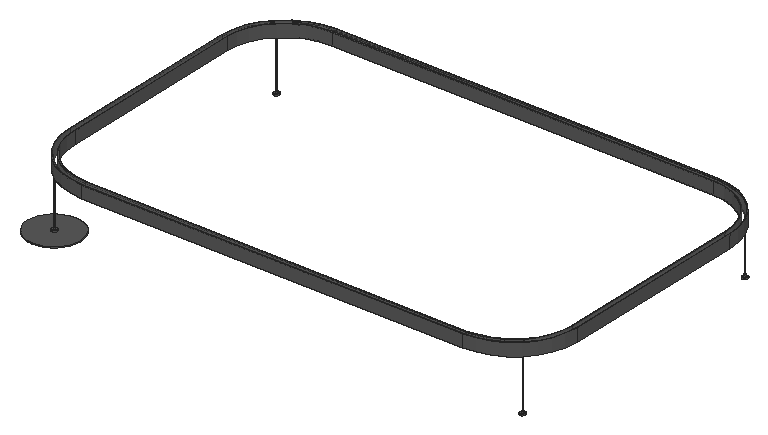
Revit family "TMS-Luna-Zest-Pendant", category Lighting Fixtures, host Face, Revit 2020
Family settings
  Host = Face
  Round Connector Dimension = Use Diameter
  Part Type = Normal
  Cut with Voids When Loaded = No
  Light Source = Yes
  Shared = No
  Room Calculation Point = No
Parameters (values of type "8L5W Direct/Indirect")
  Width = 5' - 0"
  Wattage = 103.176 W
  built-in parameter 1150110 = 1 (stored number, unit not read)
  Voltage = 0 V
  URL = "https://tmslighting.com/luna-zest.html"
  built-in parameter 1114217 = 1 (stored number, unit not read)
  Top Fixture Material = TMS Lens
  Tilt Angle = -90.00°
  built-in parameter 1150109 = 1 (stored number, unit not read)
  built-in parameter 1150134 = (empty or 0)
  built-in parameter 1150113 = 1 (stored number, unit not read)
  Support Width = Width - 0' 7"  # 4' - 5"
  Support Material = TMS Gloss Black
  Support Length = Length - 0' 7"  # 7' - 5"
  Support Distance = 0' - 3 3/4"
  Show Canopy [instance] = not(Remote Driver)  # no
  Remote Driver [instance] = yes
  Power Factor = 1
  Photometric Web File = "941LURSP 8L5WID 35K F05.ies"
  PS Support [instance] = no
  Number of Poles = 1
  Model = "LUNA ZEST"  # constant formula
  Manufacturer = "TMS Lighting Inc."  # constant formula
  MM Support [instance] = yes
  built-in parameter 1150105 = 3426.8 (stored number, unit not read)
  Lumens = 15326 lm
  built-in parameter 1150115 = 1 (stored number, unit not read)
  built-in parameter 1150137 = (empty or 0)
  built-in parameter 1150139 = (empty or 0)
  Lens Material = TMS Lens
  Length = 8' - 0"
  built-in parameter 1150112 = 1 (stored number, unit not read)
  built-in parameter 1150114 = 1 (stored number, unit not read)
  built-in parameter 1150132 = 2
  built-in parameter 1150102 = (empty or 0)
  built-in parameter 1150107 = 3500 (stored number, unit not read)
  built-in parameter 1150138 = (empty or 0)
  built-in parameter 1150106 = 34.268 (stored number, unit not read)
  Fixture Material = TMS Gloss Black
  built-in parameter 1150104 = 13.8 (stored number, unit not read)
  Drop Length [instance] = 1' - 0 1/4"
  Dimming Lamp Color Temperature Shift = <None>
  Default Elevation = 4' - 0"
  Connector Y [instance] = if(MM Support, (Support Width / 2), 0' 0")  # 2' - 2 1/2"
  Connector X [instance] = if(MM Support, (Support Length / 2), 0' 0")  # 3' - 8 1/2"
  Color Filter = 16777215
  Canopy Material = TMS Gloss Black
  Canopy Height [instance] = if(Remote Driver, 0' 0 1/8", 0' 2")  # 0' - 0 1/8"
  Cable Material = Steel
  built-in parameter 1114218 = 1 (stored number, unit not read)
  built-in parameter 1150133 = 10 (stored number, unit not read)
  Assembly Code = "D5020200"
  Apparent Load = 0 VA
  Acoustic Material = TMS Fabric Linen Blue
Types (15): name | Width | Wattage | Top Fixture Material | Support Width | Support Length | Support Distance | Photometric Web File | built-in parameter 1150105 | Lumens | Length | built-in parameter 1150106 | Connector Y | Connector X
  (no name) | 5' - 0" | 103.176 W | TMS Lens | 4' - 5" | 7' - 5" | 0' - 3 3/4" | "941LURSP 8L5WID 35K F05.ies" | 3426.8 (stored number, unit not read) | 15326 lm | 8' - 0" | 34.268 (stored number, unit not read) | 2' - 2 1/2" | 3' - 8 1/2"
  5L3W | 3' - 0" | 30.18 W | TMS Gloss Black | 2' - 5" | 4' - 5" | 0' - 4" | "941LURSCL 5L3WD 35K F05.ies" | 1055 (stored number, unit not read) | 4483 lm | 5' - 0" | 10.55 (stored number, unit not read) | 1' - 2 1/2" | 2' - 2 1/2"
  6L3W | 3' - 0" | 34.7848 W | TMS Gloss Black | 2' - 5" | 5' - 5" | 0' - 4" | "941LURSCL 6L3WD 35K F05.ies" | 1217.1 (stored number, unit not read) | 5167 lm | 6' - 0" | 12.171 (stored number, unit not read) | 1' - 2 1/2" | 2' - 8 1/2"
  7L3W | 3' - 0" | 39.4434 W | TMS Gloss Black | 2' - 5" | 6' - 5" | 0' - 3 3/4" | "941LURSCL 7L3WD 35K F05.ies" | 1360.4 (stored number, unit not read) | 5859 lm | 7' - 0" | 13.604 (stored number, unit not read) | 1' - 2 1/2" | 3' - 2 1/2"
  7L4W | 4' - 0" | 44.0751 W | TMS Gloss Black | 3' - 5" | 6' - 5" | 0' - 3 3/4" | "941LURSCL 7L4WD 35K F05.ies" | 1538.7 (stored number, unit not read) | 6547 lm | 7' - 0" | 15.387 (stored number, unit not read) | 1' - 8 1/2" | 3' - 2 1/2"
  8L3W | 3' - 0" | 44.0751 W | TMS Gloss Black | 2' - 5" | 7' - 5" | 0' - 3 3/4" | "941LURSCL 8L3WD 35K F05.ies" | 1529.7 (stored number, unit not read) | 6547 lm | 8' - 0" | 15.297 (stored number, unit not read) | 1' - 2 1/2" | 3' - 8 1/2"
  8L4W | 4' - 0" | 48.7404 W | TMS Gloss Black | 3' - 5" | 7' - 5" | 0' - 3 3/4" | "941LURSCL 8L4WD 35K F05.ies" | 1648.9 (stored number, unit not read) | 7240 lm | 8' - 0" | 16.489 (stored number, unit not read) | 1' - 8 1/2" | 3' - 8 1/2"
  5L3W Direct/Indirect | 3' - 0" | 57.0882 W | TMS Lens | 2' - 5" | 4' - 5" | 0' - 4" | "941LURSP 5L3WID TA 35K F05.ies" | 674.82 (stored number, unit not read) | 8480 lm | 5' - 0" | 6.7482 (stored number, unit not read) | 1' - 2 1/2" | 2' - 2 1/2"
  6L3W Direct/Indirect | 3' - 0" | 66.392 W | TMS Lens | 2' - 5" | 5' - 5" | 0' - 4" | "941LURSP 6L3WID TA 35K F05.ies" | 784.79 (stored number, unit not read) | 9862 lm | 6' - 0" | 7.8479 (stored number, unit not read) | 1' - 2 1/2" | 2' - 8 1/2"
  7L3W Direct/Indirect | 3' - 0" | 75.6689 W | TMS Lens | 2' - 5" | 6' - 5" | 0' - 3 3/4" | "941LURSP 7L3WID TA 35K F05.ies" | 894.45 (stored number, unit not read) | 11240 lm | 7' - 0" | 8.9445 (stored number, unit not read) | 1' - 2 1/2" | 3' - 2 1/2"
  7L4W Direct/Indirect | 4' - 0" | 84.6966 W | TMS Lens | 3' - 5" | 6' - 5" | 0' - 3 3/4" | "941LURSP 7L4WID TA 35K F05.ies" | 1001.2 (stored number, unit not read) | 12581 lm | 7' - 0" | 10.012 (stored number, unit not read) | 1' - 8 1/2" | 3' - 2 1/2"
  8L3W Direct/Indirect | 3' - 0" | 84.6966 W | TMS Lens | 2' - 5" | 7' - 5" | 0' - 3 3/4" | "941LURSP 8L3WID TA 35K F05.ies" | 1001.2 (stored number, unit not read) | 12581 lm | 8' - 0" | 10.012 (stored number, unit not read) | 1' - 2 1/2" | 3' - 8 1/2"
  8L4W Direct/Indirect | 4' - 0" | 94.2495 W | TMS Lens | 3' - 5" | 7' - 5" | 0' - 3 3/4" | "941LURSP 8L4WID TA 35K F05.ies" | 1114.1 (stored number, unit not read) | 14000 lm | 8' - 0" | 11.141 (stored number, unit not read) | 1' - 8 1/2" | 3' - 8 1/2"
  8L5W | 5' - 0" | 53.3856 W | TMS Gloss Black | 4' - 5" | 7' - 5" | 0' - 3 3/4" | "941LURSP 8L5WD 35K F05.ies" | 631.05 (stored number, unit not read) | 7930 lm | 8' - 0" | 6.3105 (stored number, unit not read) | 2' - 2 1/2" | 3' - 8 1/2"
  8L5W Direct/Indirect | 5' - 0" | 103.176 W | TMS Lens | 4' - 5" | 7' - 5" | 0' - 3 3/4" | "941LURSP 8L5WID 35K F05.ies" | 3426.8 (stored number, unit not read) | 15326 lm | 8' - 0" | 34.268 (stored number, unit not read) | 2' - 2 1/2" | 3' - 8 1/2"
Reference planes (in)
  plane 1 "Center (Front/Back)": y = 0
  plane 2: z = 0
  plane 3 "Center (Left/Right)": x = 0
  plane 4 "Fixture": z = 9.87
  plane 5: y = -30
  plane 6: x = -48
  plane 7: y = 30
  plane 8: y = 26.25
  plane 9: x = 44.25
  plane 10: y = -26.25
  plane 11: x = -44.25
  plane 12: x = 48
  plane 13: z = 12.25
  plane 14: z = 11.06
Dimensions and locks (in)
  equal spacing: plane 6, plane 3 "Center (Left/Right)", plane 12
  equal spacing: plane 7, plane 1 "Center (Front/Back)", plane 5
  "Width": plane 7 to plane 5
  "Length": plane 6 to plane 12
  "Support Distance": plane 5 to plane 10
  "Support Distance": plane 6 to plane 11
  "Support Distance": plane 9 to plane 12
  "Support Distance": plane 7 to plane 8
  "Drop Length": plane 13 to level
  locked: plane 13 to plane 4 "Fixture" at 2.38
  locked: plane 13 to plane 14 at 1.19
  "Connector X": connector elem to plane 3 "Center (Left/Right)"
  "Connector Y": connector elem to plane 1 "Center (Front/Back)"
  aligned and locked: plane 2 to host face
  aligned and locked: level to host face
  aligned and locked: nested 4 to plane 10
  aligned and locked: nested 4 to plane 11
  aligned and locked: plane 11 to nested 2
  aligned and locked: nested 2 to plane 8
  aligned and locked: plane 9 to nested 3
  aligned and locked: plane 8 to nested 3
  aligned and locked: plane 10 to nested 5
  aligned and locked: nested 5 to plane 9
  aligned and locked: plane 3 "Center (Left/Right)" to nested 6
  aligned and locked: plane 1 "Center (Front/Back)" to nested 6
  aligned and locked: nested 1 to plane 10
  aligned and locked: nested 1 to plane 11
  aligned and locked: plane 14 to imposter light
Automatic sketch dimensions
  host sketch curve to host sketch curve = 8' - 0"  (x2)
Nested families (in)
  nested 1: "Canopy" at (-44.25, -26.25, -0.1875), visible <- "MM Support", Canopy Height <- "Canopy Height", type "Canopy"
    with Canopy Height 0' - 0 1/8"
  nested 2: "Support" at (-44.25, 26.25, 0), visible <- "MM Support", type "Support"
    with Height 1' - 0 1/4"
  nested 3: "Support" at (44.25, 26.25, 0), visible <- "MM Support", type "Support"
    with Height 1' - 0 1/4"
  nested 4: "Support" at (-44.25, -26.25, 0), visible <- "MM Support", type "Support"
    with Height 1' - 0 1/4"
  nested 5: "Support" at (44.25, -26.25, 0), visible <- "MM Support", type "Support"
    with Height 1' - 0 1/4"
  nested 6: "Luna-Zest-Fixture" at (0, 0, 9.87), Width <- "Width", Length <- "Length", type "Luna-Zest-Fixture"
    with Width 5' - 0", Length 8' - 0"
  nested 7: "PS-Support" at (0, 0, 0), Canopy Depth <- "Canopy Height", Length <- "Support Length", Width <- "Support Width", visible <- "PS Support", type "PS-Support"
    with Width 4' - 5", Length 7' - 5", Canopy Depth 0' - 0 1/8", Height 1' - 0 1/4"
Connectors (in)
  electrical at (-44.5, -26.5, 0)
    settings: index 1, voltage 0 V, apparent load 0 VA, apparent load phase1 0 VA, apparent load phase2 0 VA, apparent load phase3 0 VA, power factor 1, load classification "Other", number of poles 1, system type 31, power factor state 1, is connector primary yes, connector utility no, sub classification motor no, connector description ""
Definition of nested family "Canopy"
  Parameters (values of type "Canopy")
    Default Elevation = 0' - 0"
    Canopy Material = none
    Canopy Height [instance] = 0' - 2"
  Reference planes (in)
    plane 1 "Center (Front/Back)": y = 0
    plane 2: z = 0
    plane 3 "Center (Left/Right)": x = 0
  Forms (in)
    Extrusion 1, solid, material <- "Canopy Material"
      sketch origin (0, 0, 0) x (1, 0, 0) y (0, 1, 0)
        loop
          circle (0, 0) r 5
      from 0 to 2 <- "Canopy Height"
  Dimensions and locks (in)
    aligned and locked: plane 2 to level
Definition of nested family "Support"
  Parameters (values of type "Support")
    Support Material = none
    Height = 3' - 0"
    Default Elevation = 0' - 0"
    Cable Material = none
  Reference planes (in)
    plane 1 "Center (Front/Back)": y = 0
    plane 2: z = 0
    plane 3 "Center (Left/Right)": x = 0
    plane 4: z = 36
    plane 5: z = 33.62
  Forms (in)
    Extrusion 1, solid, material <- "Support Material"
      sketch origin (0, 0, 0) x (1, 0, 0) y (0, 1, 0)
        loop
          circle (0, 0) r 0.5
      from 0 to 0.125
    Extrusion 2, solid, material <- "Support Material"
      sketch origin (0, 0, 0) x (1, 0, 0) y (0, 1, 0)
        loop
          circle (0, 0) r 0.125
      from 0.125 to 0.5
    Extrusion 3, solid, material <- "Cable Material"
      sketch origin (0, 0, 0) x (1, 0, 0) y (0, 1, 0)
        loop
          circle (0, 0) r 0.0311
      from 0.5 to 33.62
  Dimensions and locks (in)
    "Height": plane 4 to level
    locked: plane 5 to plane 4 at 2.38
    aligned and locked: plane 2 to level
    aligned and locked: plane 5 to Extrusion 3
  Automatic sketch dimensions
    plane 1 "Center (Front/Back)" to Extrusion 1 sketch curve = 0' - 0"
    Extrusion 1 sketch curve to plane 3 "Center (Left/Right)" = 0' - 0"
    plane 1 "Center (Front/Back)" to Extrusion 2 sketch curve = 0' - 0"
    Extrusion 2 sketch curve to plane 3 "Center (Left/Right)" = 0' - 0"
    plane 1 "Center (Front/Back)" to Extrusion 3 sketch curve = 0' - 0"
    Extrusion 3 sketch curve to plane 3 "Center (Left/Right)" = 0' - 0"
    radius of Extrusion 1 sketch curve = 0' - 0 1/2"
    radius of Extrusion 2 sketch curve = 0' - 0 1/8"
    radius of Extrusion 3 sketch curve = 0' - 0.0311"
Definition of nested family "Luna-Zest-Fixture"
  Parameters (values of type "Luna-Zest-Fixture")
    Width [instance] = 3' - 0"
    Top Fixture Material = none
    Radius = 1' - 0"
    Lens Material = none
    Length [instance] = 3' - 0"
    Fixture Material = none
    Default Elevation = 4' - 0"
    Acoustic Radius = 0' - 11"
    Acoustic Material = none
  Reference planes (in)
    plane 1 "Center (Front/Back)": y = 0
    plane 2: z = 0
    plane 3 "Center (Left/Right)": x = 0
    plane 4: x = -18
    plane 5: y = 18
    plane 6: x = 18
    plane 7: y = -18
  Forms (in)
    Extrusion 1, solid
      sketch origin (0, 0, 0) x (1, 0, 0) y (0, 1, 0)
        loop
          line (-48, 48) -> (-48, -48) -> (48, -48) -> (48, 48) -> (-48, 48)
      from 0 to -12
    Sweep 2, solid, material <- "Fixture Material"
      path origin (0, 0, 0) x (1, 0, 0) y (0, 1, 0)
        loop
          arc (-18, -6) -> (-14.48528, -14.48528) -> (-6, -18) r 12
          line (-6, -18) -> (6, -18)
          arc (6, -18) -> (14.48528, -14.48528) -> (18, -6) r 12
          line (18, -6) -> (18, 6)
          arc (18, 6) -> (14.48528, 14.48528) -> (6, 18) r 12
          line (6, 18) -> (-6, 18)
          arc (-6, 18) -> (-14.48528, 14.48528) -> (-18, 6) r 12
          line (-18, 6) -> (-18, -6)
      profile origin (-18, 0, 0) x (-1, 0, 0) y (0, 0, 1)
        loop
          line (0, 0) -> (0, 2.38) -> (-0.0625, 2.38) -> (-0.0625, 0) -> (0, 0)
        loop
          line (-1, 2.38) -> (-1, 0) -> (-0.9375, 0) -> (-0.9375, 2.38) -> (-1, 2.38)
    Sweep 3, solid, material <- "Lens Material"
      path origin (0, 0, 0) x (1, 0, 0) y (0, 1, 0)
        loop
          arc (-18, -6) -> (-14.48528, -14.48528) -> (-6, -18) r 12
          line (-6, -18) -> (6, -18)
          arc (6, -18) -> (14.48528, -14.48528) -> (18, -6) r 12
          line (18, -6) -> (18, 6)
          arc (18, 6) -> (14.48528, 14.48528) -> (6, 18) r 12
          line (6, 18) -> (-6, 18)
          arc (-6, 18) -> (-14.48528, 14.48528) -> (-18, 6) r 12
          line (-18, 6) -> (-18, -6)
      profile origin (-18, 0, 0) x (-1, 0, 0) y (0, 0, 1)
        loop
          line (-0.0625, 2.1925) -> (-0.9375, 2.1925) -> (-0.9375, 2.13) -> (-0.0625, 2.13) -> (-0.0625, 2.1925)
    Sweep 4, solid, material <- "Top Fixture Material"
      path origin (0, 0, 0) x (1, 0, 0) y (0, 1, 0)
        loop
          arc (-18, -6) -> (-14.48528, -14.48528) -> (-6, -18) r 12
          line (-6, -18) -> (6, -18)
          arc (6, -18) -> (14.48528, -14.48528) -> (18, -6) r 12
          line (18, -6) -> (18, 6)
          arc (18, 6) -> (14.48528, 14.48528) -> (6, 18) r 12
          line (6, 18) -> (-6, 18)
          arc (-6, 18) -> (-14.48528, 14.48528) -> (-18, 6) r 12
          line (-18, 6) -> (-18, -6)
      profile origin (-18, 0, 0) x (-1, 0, 0) y (0, 0, 1)
        loop
          line (-0.0625, 0.1875) -> (-0.0625, 0.25) -> (-0.9375, 0.25) -> (-0.9375, 0.1875) -> (-0.0625, 0.1875)
  Dimensions and locks (in)
    equal spacing: plane 4, plane 3 "Center (Left/Right)", plane 6
    "Length": plane 4 to plane 6
    equal spacing: plane 5, plane 1 "Center (Front/Back)", plane 7
    "Width": plane 5 to plane 7
    "Radius": radius of Sweep 3 sketch curve  (x4)
    "Radius": radius of Sweep 2 sketch curve  (x4)
    "Radius": radius of Sweep 4 sketch curve  (x4)
    aligned and locked: plane 2 to Extrusion 1
    aligned and locked: level to Extrusion 1
    aligned and locked: plane 4 to Sweep 2 sketch curve
    aligned and locked: Sweep 2 sketch curve to plane 5
    aligned and locked: Sweep 2 sketch curve to plane 6
    aligned and locked: plane 7 to Sweep 2 sketch curve
    aligned and locked: plane 4 to Sweep 3 sketch curve
    aligned and locked: Sweep 3 sketch curve to plane 5
    aligned and locked: Sweep 3 sketch curve to plane 6
    aligned and locked: plane 7 to Sweep 3 sketch curve
    aligned and locked: plane 4 to Sweep 4 sketch curve
    aligned and locked: Sweep 4 sketch curve to plane 5
    aligned and locked: Sweep 4 sketch curve to plane 6
    aligned and locked: plane 7 to Sweep 4 sketch curve
  Automatic sketch dimensions
    Extrusion 1 sketch curve to Extrusion 1 sketch curve = 8' - 0"  (x2)
    Sweep 2 sketch curve to level = 0' - 0"  (x2)
    Sweep 2 sketch curve to profile plane = 0' - 0"
    profile plane to Sweep 2 sketch curve = 0' - 0 1/16"
    Sweep 2 sketch curve to Sweep 2 sketch curve = 0' - 0 7/8"
    Sweep 2 sketch curve to Sweep 2 sketch curve = 0' - 0 1/16"
    Sweep 2 sketch curve to Sweep 2 sketch curve = 0' - 2.38"
    Sweep 2 sketch curve to Sweep 2 sketch curve = 0' - 0"
    profile plane to Sweep 3 sketch curve = 0' - 0 15/16"
    profile plane to Sweep 3 sketch curve = 0' - 0 1/16"
    level to Sweep 3 sketch curve = 0' - 2.13"
    Sweep 3 sketch curve to Sweep 3 sketch curve = 0' - 0 1/16"
    level to Sweep 4 sketch curve = 0' - 0 3/16"
    profile plane to Sweep 4 sketch curve = 0' - 0 15/16"
    profile plane to Sweep 4 sketch curve = 0' - 0 1/16"
    Sweep 4 sketch curve to Sweep 4 sketch curve = 0' - 0 1/16"
Definition of nested family "PS-Support"
  Parameters (values of type "PS-Support")
    Width [instance] = 5' - 3.58276"
    Length [instance] = 5' - 3.58276"
    Height = 2' - 1.25418"
    Default Elevation = 0' - 0"
    Canopy Material = none
    Canopy Depth [instance] = 0' - 2"
    Cable Material = none
  Reference planes (in)
    plane 1 "Center (Front/Back)": y = 0
    plane 2: z = 0
    plane 3 "Center (Left/Right)": x = 0
    plane 4: x = -31.79138
    plane 5: y = -31.79138
    plane 6: x = 31.79138
    plane 7: y = 31.79138
    plane 8: x = -31.29138
    plane 9: y = -31.29138
    plane 10: x = 31.29138
    plane 11: y = 31.29138
    plane 12: y = 5.5
    plane 13: x = 5.5
    plane 14: y = -5.5
    plane 15: x = -5.5
    plane 16: z = 22.87418
    plane 17: z = 25.25418
  Forms (in)
    Extrusion 1, solid, material <- "Canopy Material"
      sketch origin (0, 0, 0) x (1, 0, 0) y (0, 1, 0)
        loop
          arc (-4.75, 6) -> (-5.63388, 5.63388) -> (-6, 4.75) r 1.25
          line (-6, 4.75) -> (-6, -4.75)
          arc (-6, -4.75) -> (-5.63388, -5.63388) -> (-4.75, -6) r 1.25
          line (-4.75, -6) -> (4.75, -6)
          arc (4.75, -6) -> (5.63388, -5.63388) -> (6, -4.75) r 1.25
          line (6, -4.75) -> (6, 4.75)
          arc (6, 4.75) -> (5.63388, 5.63388) -> (4.75, 6) r 1.25
          line (4.75, 6) -> (-4.75, 6)
      from 0 to 2 <- "Canopy Depth"
    Blend 2, solid
      base sketch origin (0, 0, 0) x (1, 0, 0) y (0, 1, 0)
        loop
          circle (-5.5, 5.5) r 0.03125
      top sketch origin (0, 0, 0) x (1, 0, 0) y (0, 1, 0)
        loop
          circle (-31.29138, 31.29138) r 0.03125
      from 2 to 22.87418
    Blend 3, solid, material <- "Cable Material"
      base sketch origin (0, 0, 0) x (1, 0, 0) y (0, 1, 0)
        loop
          circle (-5.5, -5.5) r 0.03125
      top sketch origin (0, 0, 0) x (1, 0, 0) y (0, 1, 0)
        loop
          circle (-31.29138, -31.29138) r 0.03125
      from 2 to 22.87418
    Blend 4, solid, material <- "Cable Material"
      base sketch origin (0, 0, 0) x (1, 0, 0) y (0, 1, 0)
        loop
          circle (5.5, -5.5) r 0.03125
      top sketch origin (0, 0, 0) x (1, 0, 0) y (0, 1, 0)
        loop
          circle (31.29138, -31.29138) r 0.03125
      from 2 to 22.87418
    Blend 5, solid, material <- "Cable Material"
      base sketch origin (0, 0, 0) x (1, 0, 0) y (0, 1, 0)
        loop
          circle (5.5, 5.5) r 0.03125
      top sketch origin (0, 0, 0) x (1, 0, 0) y (0, 1, 0)
        loop
          circle (31.29138, 31.29138) r 0.03125
      from 2 to 22.87418
  Dimensions and locks (in)
    equal spacing: plane 4, plane 3 "Center (Left/Right)", plane 6
    equal spacing: plane 7, plane 1 "Center (Front/Back)", plane 5
    "Width": plane 7 to plane 5
    "Length": plane 4 to plane 6
    locked: plane 7 to plane 11 at 0.5
    locked: plane 10 to plane 6 at 0.5
    locked: plane 9 to plane 5 at 0.5
    locked: plane 4 to plane 8 at 0.5
    "Height": plane 17 to level
    locked: plane 17 to plane 16 at 2.38
    aligned and locked: plane 2 to level
    aligned and locked: plane 15 to Blend 2 sketch curve
    aligned and locked: plane 12 to Blend 2 sketch curve
    aligned and locked: plane 8 to Blend 2 sketch curve
    aligned and locked: plane 11 to Blend 2 sketch curve
    aligned and locked: plane 16 to Blend 2
    aligned and locked: Blend 2 to Extrusion 1
    aligned and locked: plane 15 to Blend 3 sketch curve
    aligned and locked: plane 14 to Blend 3 sketch curve
    aligned and locked: plane 9 to Blend 3 sketch curve
    aligned and locked: plane 8 to Blend 3 sketch curve
    aligned and locked: Blend 3 to Extrusion 1
    aligned and locked: plane 16 to Blend 3
    aligned and locked: plane 13 to Blend 4 sketch curve
    aligned and locked: plane 14 to Blend 4 sketch curve
    aligned and locked: plane 10 to Blend 4 sketch curve
    aligned and locked: plane 9 to Blend 4 sketch curve
    aligned and locked: Blend 4 to Extrusion 1
    aligned and locked: plane 16 to Blend 4
    aligned and locked: plane 13 to Blend 5 sketch curve
    aligned and locked: plane 12 to Blend 5 sketch curve
    aligned and locked: plane 10 to Blend 5 sketch curve
    aligned and locked: plane 11 to Blend 5 sketch curve
    aligned and locked: Blend 5 to Extrusion 1
    aligned and locked: plane 16 to Blend 5
  Automatic sketch dimensions
    plane 15 to Extrusion 1 sketch curve = 0' - 0 3/4"  (x2)
    Extrusion 1 sketch curve to plane 13 = 0' - 0 3/4"  (x2)
    Extrusion 1 sketch curve to plane 12 = 0' - 0 3/4"
    Extrusion 1 sketch curve to plane 15 = 0' - 0 1/2"
    plane 13 to Extrusion 1 sketch curve = 0' - 0 1/2"
    Extrusion 1 sketch curve to plane 14 = 0' - 0 1/2"
    radius of Blend 2 sketch curve = 0' - 0 1/32"  (x2)
    radius of Blend 3 sketch curve = 0' - 0 1/32"  (x2)
    radius of Blend 4 sketch curve = 0' - 0 1/32"  (x2)
    radius of Blend 5 sketch curve = 0' - 0 1/32"  (x2)
